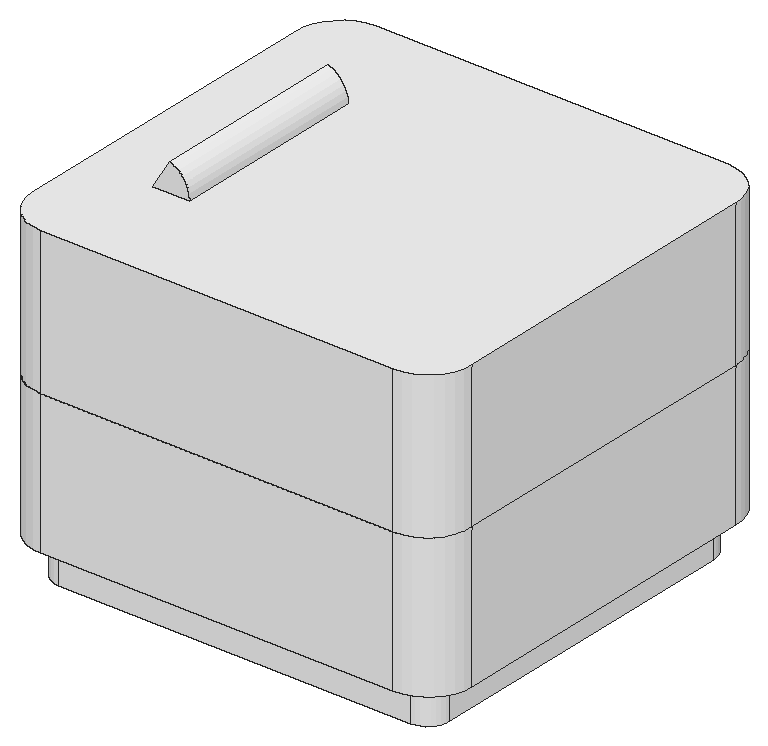
Revit family "Gira_078130", category Electrical Fixtures, host Face, Revit 2017
Family settings
  Host = Face
  Maintain Annotation Orientation = Yes
  Round Connector Dimension = Use Diameter
  Part Type = Normal
  Cut with Voids When Loaded = No
  Shared = No
  Room Calculation Point = No
Parameters (values of type "SCHUKO 2-g horiz. HC WP surface-mounted grey")
  URL = "http://katalog.gira.de/en/datenblatt.html?artikelnr=078130"
  Transparent = "No"
  Name = "SCHUKO 2-g horiz. HC WP surface-mounted grey"
  Model = "Protective contact (SCHUKO)"
  Manufacturer URL = "https://www.gira.de/"
  Manufacturer = "Gira"
  Keynote = ""
  HeinzeBIM = "https://bimportal.heinze.de/bim/schuko-2-g-horiz-hc-wp-surface-mounted-grey/a30766a0ade5663a367df4d1dad30ada9a687d40"
  HAN = "078130"
  GTIN = "4010337781301"
  Description = "SCHUKO 2g vert WP SM GY,SCHUKO double socket outlet 16 A 250 V~ horizontal with hinged cover,,grey,"
  Default Elevation = 1219.2 mm
  Data sheet (1) = "https://katalog.gira.de/en/download.html?artikelnr=078130"
  Category = "Socket outlet"
  BIM (1) = "https://media.stage.bim.site/public/gira/36a6b08/IP44_Komplettgerät_Steckdose.rfa?public/gira/36a6b08/IP44_Komplettgerät_Steckdose.rfa"
  Available = "No"
Reference planes
  plane 1 "Center (Front/Back)": y = 0
  plane 2: z = 0
  plane 3 "Center (Left/Right)": x = 0
Forms (mm)
  Extrusion 1, solid, material "White", detail levels fine
    sketch origin (41, 0, 0) x (1, 0, 0) y (0, 1, 0)
      loop
        line (-9, 38) -> (-73, 38)
        arc (-73, 38) -> (-78.657, 35.657) -> (-81, 30) r 8
        line (-81, 30) -> (-81, -30)
        arc (-81, -30) -> (-78.657, -35.657) -> (-73, -38) r 8
        line (-73, -38) -> (-9, -38)
        arc (-9, -38) -> (-3.343, -35.657) -> (-1, -30) r 8
        line (-1, -30) -> (-1, 30)
        arc (-1, 30) -> (-3.343, 35.657) -> (-9, 38) r 8
    from 0 to 26
  Extrusion 2, solid, material "White", detail levels fine
    sketch origin (41, 0, 0) x (1, 0, 0) y (0, 1, 0)
      loop
        line (-9, 38) -> (-73, 38)
        arc (-73, 38) -> (-78.657, 35.657) -> (-81, 30) r 8
        line (-81, 30) -> (-81, -30)
        arc (-81, -30) -> (-78.657, -35.657) -> (-73, -38) r 8
        line (-73, -38) -> (-9, -38)
        arc (-9, -38) -> (-3.343, -35.657) -> (-1, -30) r 8
        line (-1, -30) -> (-1, 30)
        arc (-1, 30) -> (-3.343, 35.657) -> (-9, 38) r 8
    from 26 to 52.5
  Extrusion 3, solid, material "White", detail levels fine
    sketch origin (41, 0, 0) x (1, 0, 0) y (0, 0, 1)
      loop
        line (-68.7, 52.5) -> (-62.067, 52.5)
        arc (-62.067, 52.5) -> (-63.019, 55.628) -> (-65.7, 57.5) r 5
        line (-65.7, 57.5) -> (-68.7, 52.5)
    from 18 to -18
  Extrusion 4, solid, material "White", detail levels medium
    sketch origin (41, -5.734, 0) x (1, 0, 0) y (0, 1, 0)
      loop
        line (-9, 43.734) -> (-73, 43.734)
        arc (-73, 43.734) -> (-78.657, 41.391) -> (-81, 35.734) r 8
        line (-81, 35.734) -> (-81, -24.266)
        arc (-81, -24.266) -> (-78.657, -29.923) -> (-73, -32.266) r 8
        line (-73, -32.266) -> (-9, -32.266)
        arc (-9, -32.266) -> (-3.343, -29.923) -> (-1, -24.266) r 8
        line (-1, -24.266) -> (-1, 35.734)
        arc (-1, 35.734) -> (-3.343, 41.391) -> (-9, 43.734) r 8
    from 0 to 52.5
  Extrusion 5, solid, material "White", detail levels medium
    sketch origin (41, 0, 0) x (1, 0, 0) y (0, 0, 1)
      loop
        line (-68.7, 57.5) -> (-68.7, 52.5) -> (-62.067, 52.5) -> (-62.067, 57.5) -> (-68.7, 57.5)
    from -18 to 18
  Extrusion 6, solid, material "White", detail levels coarse
    sketch origin (41, 0, 0) x (1, 0, 0) y (0, 1, 0)
      loop
        line (-1, 38) -> (-81, 38) -> (-81, -38) -> (-1, -38) -> (-1, 38)
    from -7 to 57.5
  Extrusion 7, solid, material "White", detail levels medium+fine
    sketch origin (41, 0, 0) x (1, 0, 0) y (0, 1, 0)
      loop
        line (-9, 34) -> (-73, 34)
        arc (-73, 34) -> (-75.828, 32.828) -> (-77, 30) r 4
        line (-77, 30) -> (-77, -30)
        arc (-77, -30) -> (-75.828, -32.828) -> (-73, -34) r 4
        line (-73, -34) -> (-9, -34)
        arc (-9, -34) -> (-6.172, -32.828) -> (-5, -30) r 4
        line (-5, -30) -> (-5, 30)
        arc (-5, 30) -> (-6.172, 32.828) -> (-9, 34) r 4
    from 0 to -7
Dimensions and locks
  Extrusion 6 to plane 3 "Center (Left/Right)" to Extrusion 6 = 40 mm, 40 mm
  aligned and locked: plane 2 to host face
  aligned and locked: level to host face
  aligned and locked: plane 3 "Center (Left/Right)" to nested 1
  aligned and locked: plane 1 "Center (Front/Back)" to nested 1
Nested families
  nested 1: "Steckdose 1-fach Beschriftung" at (0, 0, 0), type "Steckdose 1-fach Beschriftung"
Connectors
  electrical at (0, 0, -7)
    settings: on Extrusion 7, index 1, voltage 220 V, apparent load 0 VA, apparent load phase1 0 VA, apparent load phase2 0 VA, apparent load phase3 0 VA, power factor 1, load classification "Other", number of poles 1, system type 31, power factor state 1, is connector primary yes, connector utility no, sub classification motor no, connector description ""
Definition of nested family "Steckdose 1-fach Beschriftung"
  Reference planes
    plane 1: y = 0
    plane 2: x = 0
  Lines and regions (mm)
    detail lines
      curve 1: line (0, 0, 0) -> (0, 2, 0)
      curve 3: line (0, 2, 0) -> (-1, 2, 0)
      curve 4: arc (1, 3, 0) -> (0, 2, 0) -> (-1, 3, 0) r 1
      curve 5: line (0, 2, 0) -> (1, 2, 0)
    reference lines
      curve 2: line (-0.485, 3, 0) -> (2.315, 3, 0)
  Dimensions and locks
    curve 1 to curve 1 = 2 mm
    plane 1 to curve 2 = 3 mm
    curve 3 to curve 3 = 1 mm
